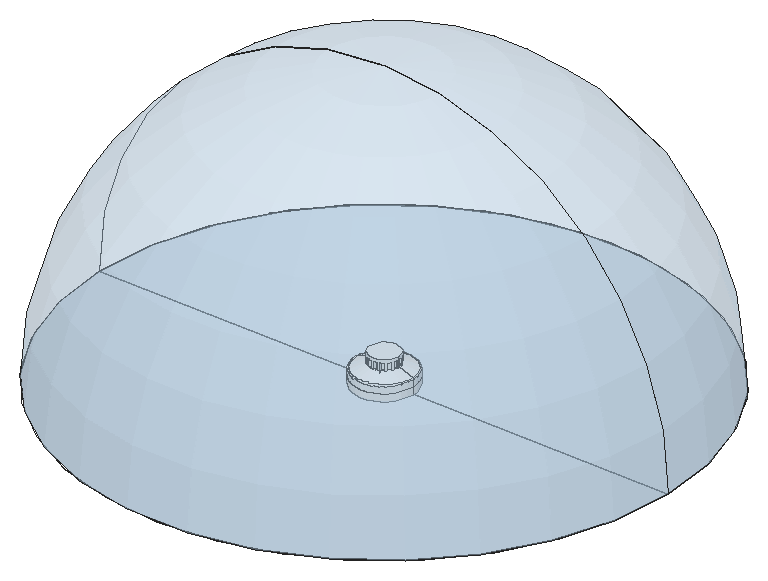
Revit family "4452_Conventional Smoke Detector", category Fire Alarm Devices, host Face, Revit 2020
Family settings
  Host = Face
  Maintain Annotation Orientation = No
  Round Connector Dimension = Use Diameter
  Part Type = Normal
  OmniClass Number = 23.85.30.21
  OmniClass Title = Environmental Detection/Registration
  Cut with Voids When Loaded = No
  Shared = No
  Room Calculation Point = No
Parameters (values of type "4452W_2423W")
  ø (mm) = 102 mm  # constant formula
  Weight = "85g"  # constant formula
  Voltage Normal = "24 VDC"  # constant formula
  Voltage Allowed = "12 – 30 VDC"  # constant formula
  Version = "RVT20"
  Vds Approval = "G213028"  # constant formula
  Uniformat 2010 Description = "Detection and Alarm"  # constant formula
  Uniformat 2010  Code = "D7050"  # constant formula
  Uniclass 2015 Description = "Fire and smoke detector bases"  # constant formula
  Uniclass 2015 Code = "Pr_75_80_30_27 "  # constant formula
  URL = "https://www.panasonic-fire-security.com"
  Type Comments = "The photoelectric smoke detector 4452 is a conventional detector. Artificial Intelligence uses smoke sensing for the fire judgement, as well as variable sensitivity and time  delay based on the smoke changes just before the alarm level is reached."
  Tested and Approved = "EN54-7"  # constant formula
  Product Material = Polycarbonate_Panasonic_White
  Omniclass Description = "Smoke Detectors"  # constant formula
  Omniclass Code = "23.85.30.21.11.11.11"  # constant formula
  Model = "4452W"
  Min_Wire Size = "Ø 0.6 mm (0.3 mm²)"  # constant formula
  Max_Wire Size = "Ø 1.6 mm (2 mm²)"  # constant formula
  Manufacturer = "Panasonic"  # constant formula
  Ingress Protection Rating = "IP41"  # constant formula
  H_Total (mm) = 50.5 mm  # constant formula
  H_Detector (mm) = 38 mm  # constant formula
  H_Base (mm) = 12.5 mm  # constant formula
  Description = "Conventional photoelectric smoke detector 4452W with 2423W conventional base"
  Default Elevation = 0 mm
  Current Quiescent = "0.04 mA"  # constant formula
  Current (Active) = "Min 3 mA"  # constant formula
  Contact = ""
  Clearance Area (0,5m according EN54-14) [instance] = yes
  Clearance Area = Clearance Area
  CPR = "0786-CPR-21252"  # constant formula
  Bases = Base_2324 : 2423W
  Ambient Temperature Storage = "-25 to +70 °C"  # constant formula
  Ambient Temperature Operating = "-10 to +50 °C"  # constant formula
  Ambient Humidity = "Maximum 95 % RH "  # constant formula
Types (3, lengths in mm): name | Product Material | Model | Description | Bases
  (no name) | Polycarbonate_Panasonic_White | "4452W" | "Conventional photoelectric smoke detector 4452W with 2423W conventional base" | Base_2324 : 2423W
  4452_2423 | Polycarbonate_Panasonic_Grey | "4452" | "Conventional photoelectric smoke detector 4452 with 2423 conventional base" | Base_2324 : 2423
  4452W_2423W | Polycarbonate_Panasonic_White | "4452W" | "Conventional photoelectric smoke detector 4452W with 2423W conventional base" | Base_2324 : 2423W
Reference planes
  plane 1 "Center (Front/Back)": y = 0
  plane 2: z = 0
  plane 3 "Center (Left/Right)": x = 0
  plane 4: z = 12.5
  plane 5: z = 50.5
  plane 6: z = 46.125
  plane 7: z = 34.125
  plane 8: z = 25.2
  plane 9: z = 23.5
Forms (mm)
  Extrusion 1, solid, material "Polycarbonate_Panasonic_White" <- "Product Material"
    sketch origin (0, 0, 0) x (1, 0, 0) y (0, 1, 0)
      loop
        circle (0, 0) r 51
      loop
        circle (0, 0) r 25
    from 12.5 to 23.5
  Revolve 2, solid, material "Polycarbonate_Panasonic_White" <- "Product Material"
    sketch origin (0, 0, 0) x (1, 0, 0) y (0, 0, 1)
      loop
        line (-51, 23.5) -> (-25, 23.5) -> (-25, 25.2) -> (-49.402, 25.2)
        arc (-49.402, 25.2) -> (-50.525, 24.655) -> (-51, 23.5) r 1.752
      axis (0, 25.2) -> (0, 23.5)
    angle from 0 to 360
  Extrusion 3, solid, material "Polycarbonate_Panasonic_White" <- "Product Material"
    sketch origin (0, 0, 0) x (1, 0, 0) y (0, 1, 0)
      loop
        circle (0, 0) r 25
    from 27.625 to 50.5
  Revolve 4, solid, material "Polycarbonate_Panasonic_White" <- "Product Material"
    sketch origin (0, 0, 0) x (1, 0, 0) y (0, 0, 1)
      loop
        line (-49.402, 25.2) -> (0, 25.2) -> (0, 34.125) -> (-25, 34.125) -> (-49.402, 25.2)
      axis (0, 34.125) -> (0, 25.2)
    angle from 0 to 360
  Extrusion 5, void
    sketch origin (0, 0, 0) x (1, 0, 0) y (0, 1, 0)
      loop
        line (-18.878, 22.014) -> (-13.671, 15.941)
        arc (-13.671, 15.941) -> (-11.296, 17.703) -> (-8.698, 19.114) r 21
        line (-8.698, 19.114) -> (-11.774, 26.502)
        arc (-11.774, 26.502) -> (-15.49, 24.517) -> (-18.878, 22.014) r 29
      loop
        line (-9.068, 27.546) -> (-6.566, 19.947)
        arc (-6.566, 19.947) -> (-3.7, 20.671) -> (-0.76, 20.986) r 21
        line (-0.76, 20.986) -> (-0.79, 28.989)
        arc (-0.79, 28.989) -> (-4.981, 28.569) -> (-9.068, 27.546) r 29
      loop
        line (2.111, 28.923) -> (1.528, 20.944)
        arc (1.528, 20.944) -> (4.455, 20.522) -> (7.293, 19.693) r 21
        line (7.293, 19.693) -> (10.314, 27.104)
        arc (10.314, 27.104) -> (6.279, 28.312) -> (2.111, 28.923) r 29
      loop
        line (12.971, 25.938) -> (9.393, 18.782)
        arc (9.393, 18.782) -> (11.937, 17.277) -> (14.245, 15.429) r 21
        line (14.245, 15.429) -> (19.863, 21.13)
        arc (19.863, 21.13) -> (16.592, 23.785) -> (12.971, 25.938) r 29
      loop
        line (21.874, 19.04) -> (15.84, 13.787)
        arc (15.84, 13.787) -> (17.619, 11.426) -> (19.049, 8.839) r 21
        line (19.049, 8.839) -> (26.415, 11.969)
        arc (26.415, 11.969) -> (24.402, 15.67) -> (21.874, 19.04) r 29
      loop
        line (27.478, 9.27) -> (19.898, 6.713)
        arc (19.898, 6.713) -> (20.644, 3.852) -> (20.98, 0.914) r 21
        line (20.98, 0.914) -> (28.983, 1.003)
        arc (28.983, 1.003) -> (28.532, 5.191) -> (27.478, 9.27) r 29
      loop
        arc (20.955, -1.374) -> (20.554, -4.304) -> (19.746, -7.148) r 21
        line (19.746, -7.148) -> (27.179, -10.115)
        arc (27.179, -10.115) -> (28.358, -6.07) -> (28.938, -1.898) r 29
        line (28.938, -1.898) -> (20.955, -1.374)
      loop
        arc (18.851, -9.254) -> (17.365, -11.81) -> (15.534, -14.132) r 21
        line (15.534, -14.132) -> (21.275, -19.707)
        arc (21.275, -19.707) -> (23.906, -16.416) -> (26.032, -12.78) r 29
        line (26.032, -12.78) -> (18.851, -9.254)
      loop
        arc (13.904, -15.738) -> (11.556, -17.535) -> (8.978, -18.984) r 21
        line (8.978, -18.984) -> (12.163, -26.326)
        arc (12.163, -26.326) -> (15.849, -24.286) -> (19.2, -21.734) r 29
        line (19.2, -21.734) -> (13.904, -15.738)
      loop
        arc (1.216, -28.975) -> (5.401, -28.493) -> (9.472, -27.41) r 29
        line (9.472, -27.41) -> (6.859, -19.848)
        arc (6.859, -19.848) -> (4.004, -20.615) -> (1.069, -20.973) r 21
        line (1.069, -20.973) -> (1.216, -28.975)
      loop
        arc (-1.22, -20.965) -> (-4.152, -20.585) -> (-7.002, -19.798) r 21
        line (-7.002, -19.798) -> (-9.915, -27.253)
        arc (-9.915, -27.253) -> (-5.862, -28.401) -> (-1.685, -28.951) r 29
        line (-1.685, -28.951) -> (-1.22, -20.965)
      loop
        arc (-9.115, -18.919) -> (-11.682, -17.451) -> (-14.017, -15.637) r 21
        line (-14.017, -15.637) -> (-19.55, -21.42)
        arc (-19.55, -21.42) -> (-16.24, -24.026) -> (-12.588, -26.126) r 29
        line (-12.588, -26.126) -> (-9.115, -18.919)
      loop
        line (-18.917, -9.118) -> (-26.236, -12.356)
        arc (-26.236, -12.356) -> (-24.169, -16.027) -> (-21.592, -19.36) r 29
        line (-21.592, -19.36) -> (-15.635, -14.019)
        arc (-15.635, -14.019) -> (-17.449, -11.684) -> (-18.917, -9.118) r 21
      loop
        arc (-28.965, -1.429) -> (-28.452, -5.61) -> (-27.339, -9.673) r 29
        line (-27.339, -9.673) -> (-19.797, -7.005)
        arc (-19.797, -7.005) -> (-20.585, -4.155) -> (-20.964, -1.223) r 21
        line (-20.964, -1.223) -> (-28.965, -1.429)
      loop
        line (-28.963, 1.472) -> (-20.973, 1.066)
        arc (-20.973, 1.066) -> (-20.615, 4.001) -> (-19.849, 6.856) r 21
        line (-19.849, 6.856) -> (-27.325, 9.714)
        arc (-27.325, 9.714) -> (-28.444, 5.653) -> (-28.963, 1.472) r 29
      loop
        line (-25.842, 13.161) -> (-18.713, 9.53)
        arc (-18.713, 9.53) -> (-17.189, 12.064) -> (-15.324, 14.358) r 21
        line (-15.324, 14.358) -> (-20.983, 20.017)
        arc (-20.983, 20.017) -> (-23.662, 16.766) -> (-25.842, 13.161) r 29
    from 27.625 to 46.125
  Extrusion 6, solid, material "Clearance Area" <- "Clearance Area", visible <- "Clearance Area (0,5m according EN54-14)", detail levels medium+fine
    sketch origin (0, 0, 0) x (1, 0, 0) y (0, 1, 0)
      loop
        circle (0, 0) r 500
    from 0 to 1
  Revolve 7, solid, material "Clearance Area" <- "Clearance Area", visible <- "Clearance Area (0,5m according EN54-14)"
    sketch origin (0, 0, 0) x (1, 0, 0) y (0, 0, 1)
      loop
        line (-500, 0) -> (0, 0) -> (0, 500)
        arc (0, 500) -> (-353.553, 353.553) -> (-500, 0) r 500
      axis (0, 500) -> (0, 0)
    angle from 0 to 360
Cuts and joins
  Extrusion 5 cuts Extrusion 3
Lines and regions (mm)
  symbolic lines, style "Dash Fire", visible <- "Clearance Area (0,5m according EN54-14)", detail levels medium+fine
    curve 1: circle (0, 0, 0) r 500 normal (0, 0, 1)
Dimensions and locks
  "H_Base (mm)": plane 4 to host face
  "H_Detector (mm)": plane 5 to plane 4
  plane 6 to plane 7 to plane 8 to plane 9 = 12 mm locked, 8.925 mm locked, 1.7 mm locked
  aligned and locked: plane 2 to host face
  aligned and locked: level to host face
  aligned and locked: Revolve 2 sketch curve to plane 3 "Center (Left/Right)"
  aligned and locked: Extrusion 1 to plane 4
  aligned and locked: plane 6 to Extrusion 5
  aligned and locked: plane 5 to Extrusion 3
  aligned and locked: Revolve 4 sketch curve to plane 7
  aligned and locked: Revolve 4 sketch curve to Revolve 4 sketch curve
  aligned and locked: Revolve 4 sketch curve to plane 8
  aligned and locked: plane 9 to Extrusion 1
Automatic sketch dimensions
  plane 1 "Center (Front/Back)" to curve 1 = 0 mm
  curve 1 to plane 3 "Center (Left/Right)" = 0 mm
  host sketch curve to host sketch curve = 2438.4 mm  (x2)
  Extrusion 1 sketch curve to Extrusion 1 sketch curve = 0 mm  (x2)
  plane 1 "Center (Front/Back)" to Extrusion 1 sketch curve = 0 mm
  Extrusion 1 sketch curve to plane 3 "Center (Left/Right)" = 0 mm
  Revolve 2 sketch curve to plane 8 = 0 mm
  Revolve 2 sketch curve to plane 8 = 1.7 mm
  Revolve 2 sketch curve to plane 3 "Center (Left/Right)" = 25 mm
  Revolve 2 sketch curve to plane 8 = 1.746 mm
  Revolve 2 sketch curve to Revolve 2 sketch curve = 24.248 mm
  Revolve 2 sketch curve to Revolve 2 sketch curve = 0.154 mm
  Revolve 2 sketch curve to level = 609.6 mm
  plane 5 to Revolve 2 sketch curve = 2565.058 mm
  plane 1 "Center (Front/Back)" to Extrusion 3 sketch curve = 0 mm
  Extrusion 3 sketch curve to plane 3 "Center (Left/Right)" = 0 mm
  Revolve 4 sketch curve to plane 3 "Center (Left/Right)" = 0 mm
  Revolve 4 sketch curve to Revolve 4 sketch curve = 25 mm
  Revolve 4 sketch curve to Revolve 4 sketch curve = 24.402 mm
  Revolve 4 sketch curve to level = 609.6 mm
  plane 5 to Revolve 4 sketch curve = 2565.058 mm
  Extrusion 5 sketch curve to Extrusion 5 sketch curve = 0 mm  (x992)
  plane 1 "Center (Front/Back)" to Extrusion 5 sketch curve = 0 mm
  Extrusion 5 sketch curve to plane 3 "Center (Left/Right)" = 0 mm
  Extrusion 5 sketch curve to plane 3 "Center (Left/Right)" = 0.76 mm
  Extrusion 5 sketch curve to plane 3 "Center (Left/Right)" = 0.79 mm
  Extrusion 5 sketch curve to plane 3 "Center (Left/Right)" = 1.22 mm
  Extrusion 5 sketch curve to plane 3 "Center (Left/Right)" = 1.685 mm
  Extrusion 5 sketch curve to Extrusion 5 sketch curve = 5.806 mm
  Extrusion 5 sketch curve to Extrusion 5 sketch curve = 5.782 mm
  Extrusion 5 sketch curve to Extrusion 5 sketch curve = 2.132 mm
  Extrusion 5 sketch curve to Extrusion 5 sketch curve = 2.501 mm
  Extrusion 5 sketch curve to Extrusion 5 sketch curve = 2.113 mm
  Extrusion 5 sketch curve to Extrusion 5 sketch curve = 2.912 mm
  Extrusion 5 sketch curve to Extrusion 5 sketch curve = 2.707 mm
  Extrusion 5 sketch curve to Extrusion 5 sketch curve = 2.673 mm
  Extrusion 5 sketch curve to Extrusion 5 sketch curve = 4.972 mm
  Extrusion 5 sketch curve to Extrusion 5 sketch curve = 4.902 mm
  Extrusion 5 sketch curve to Extrusion 5 sketch curve = 1.654 mm
  Extrusion 5 sketch curve to Extrusion 5 sketch curve = 1.619 mm
  Extrusion 5 sketch curve to plane 1 "Center (Front/Back)" = 9.53 mm
  Extrusion 5 sketch curve to Extrusion 5 sketch curve = 3.389 mm
  Extrusion 5 sketch curve to Extrusion 5 sketch curve = 5.208 mm
  plane 1 "Center (Front/Back)" to Extrusion 5 sketch curve = 9.118 mm
  Extrusion 5 sketch curve to Extrusion 5 sketch curve = 3.282 mm
  Extrusion 5 sketch curve to Extrusion 5 sketch curve = 5.533 mm
  plane 1 "Center (Front/Back)" to Extrusion 5 sketch curve = 7.005 mm
  Extrusion 5 sketch curve to Extrusion 5 sketch curve = 0.88 mm  (x2)
  Extrusion 5 sketch curve to plane 1 "Center (Front/Back)" = 6.856 mm
  Extrusion 5 sketch curve to Extrusion 5 sketch curve = 1.136 mm
  plane 1 "Center (Front/Back)" to Extrusion 5 sketch curve = 1.223 mm
  Extrusion 5 sketch curve to plane 1 "Center (Front/Back)" = 1.066 mm
  Extrusion 5 sketch curve to Extrusion 5 sketch curve = 2.105 mm
  Extrusion 5 sketch curve to Extrusion 5 sketch curve = 2.042 mm
  Extrusion 5 sketch curve to plane 1 "Center (Front/Back)" = 13.161 mm
  Extrusion 5 sketch curve to Extrusion 5 sketch curve = 7.129 mm
  plane 1 "Center (Front/Back)" to Extrusion 5 sketch curve = 12.356 mm
  Extrusion 5 sketch curve to Extrusion 5 sketch curve = 7.319 mm
  Extrusion 5 sketch curve to plane 1 "Center (Front/Back)" = 9.714 mm
  Extrusion 5 sketch curve to Extrusion 5 sketch curve = 1.483 mm
  plane 1 "Center (Front/Back)" to Extrusion 5 sketch curve = 9.673 mm
  Extrusion 5 sketch curve to Extrusion 5 sketch curve = 1.103 mm
  Extrusion 5 sketch curve to plane 1 "Center (Front/Back)" = 1.472 mm
  plane 1 "Center (Front/Back)" to Extrusion 5 sketch curve = 1.429 mm
  plane 3 "Center (Left/Right)" to Extrusion 5 sketch curve = 1.069 mm
  plane 3 "Center (Left/Right)" to Extrusion 5 sketch curve = 1.216 mm
  plane 3 "Center (Left/Right)" to Extrusion 5 sketch curve = 1.528 mm
  plane 3 "Center (Left/Right)" to Extrusion 5 sketch curve = 2.111 mm
  Extrusion 5 sketch curve to Extrusion 5 sketch curve = 5.79 mm
  Extrusion 5 sketch curve to Extrusion 5 sketch curve = 5.764 mm
  Extrusion 5 sketch curve to Extrusion 5 sketch curve = 2.119 mm
  Extrusion 5 sketch curve to Extrusion 5 sketch curve = 2.1 mm
  Extrusion 5 sketch curve to Extrusion 5 sketch curve = 2.613 mm
  Extrusion 5 sketch curve to Extrusion 5 sketch curve = 3.022 mm
  Extrusion 5 sketch curve to Extrusion 5 sketch curve = 2.691 mm
  Extrusion 5 sketch curve to Extrusion 5 sketch curve = 2.656 mm
  Extrusion 5 sketch curve to Extrusion 5 sketch curve = 4.925 mm
  Extrusion 5 sketch curve to Extrusion 5 sketch curve = 4.853 mm
  Extrusion 5 sketch curve to Extrusion 5 sketch curve = 1.63 mm
  Extrusion 5 sketch curve to Extrusion 5 sketch curve = 1.595 mm
  plane 1 "Center (Front/Back)" to Extrusion 5 sketch curve = 9.254 mm
  Extrusion 5 sketch curve to Extrusion 5 sketch curve = 3.317 mm
  Extrusion 5 sketch curve to plane 1 "Center (Front/Back)" = 8.839 mm
  Extrusion 5 sketch curve to Extrusion 5 sketch curve = 3.209 mm
  Extrusion 5 sketch curve to Extrusion 5 sketch curve = 5.297 mm
  plane 1 "Center (Front/Back)" to Extrusion 5 sketch curve = 7.148 mm
  Extrusion 5 sketch curve to Extrusion 5 sketch curve = 0.895 mm
  Extrusion 5 sketch curve to Extrusion 5 sketch curve = 5.617 mm
  Extrusion 5 sketch curve to plane 1 "Center (Front/Back)" = 6.713 mm
  Extrusion 5 sketch curve to Extrusion 5 sketch curve = 0.849 mm
  plane 1 "Center (Front/Back)" to Extrusion 5 sketch curve = 1.374 mm
  Extrusion 5 sketch curve to plane 1 "Center (Front/Back)" = 0.914 mm
  Extrusion 5 sketch curve to Extrusion 5 sketch curve = 2.075 mm
  Extrusion 5 sketch curve to Extrusion 5 sketch curve = 2.012 mm
  plane 1 "Center (Front/Back)" to Extrusion 5 sketch curve = 12.78 mm
  Extrusion 5 sketch curve to Extrusion 5 sketch curve = 7.181 mm
  Extrusion 5 sketch curve to plane 1 "Center (Front/Back)" = 11.969 mm
  Extrusion 5 sketch curve to Extrusion 5 sketch curve = 7.365 mm
  plane 1 "Center (Front/Back)" to Extrusion 5 sketch curve = 10.115 mm
  Extrusion 5 sketch curve to Extrusion 5 sketch curve = 1.147 mm
  Extrusion 5 sketch curve to plane 1 "Center (Front/Back)" = 9.27 mm
  Extrusion 5 sketch curve to Extrusion 5 sketch curve = 1.064 mm
  plane 1 "Center (Front/Back)" to Extrusion 5 sketch curve = 1.898 mm
  Extrusion 5 sketch curve to plane 1 "Center (Front/Back)" = 1.003 mm
  Extrusion 5 sketch curve to Extrusion 5 sketch curve = 5.779 mm
  Extrusion 5 sketch curve to Extrusion 5 sketch curve = 1.116 mm
  Extrusion 5 sketch curve to Extrusion 5 sketch curve = 2.06 mm
  Extrusion 5 sketch curve to Extrusion 5 sketch curve = 2.027 mm
  Extrusion 5 sketch curve to Extrusion 5 sketch curve = 1.127 mm
  Extrusion 5 sketch curve to Extrusion 5 sketch curve = 1.083 mm
  Extrusion 5 sketch curve to Extrusion 5 sketch curve = 0.864 mm
  Extrusion 5 sketch curve to Extrusion 5 sketch curve = 1.642 mm
  Extrusion 5 sketch curve to Extrusion 5 sketch curve = 1.582 mm
  Extrusion 5 sketch curve to Extrusion 5 sketch curve = 0.911 mm
  Extrusion 5 sketch curve to Extrusion 5 sketch curve = 0.833 mm
  Extrusion 5 sketch curve to Extrusion 5 sketch curve = 2.09 mm
  Extrusion 5 sketch curve to Extrusion 5 sketch curve = 1.996 mm
  Extrusion 5 sketch curve to Extrusion 5 sketch curve = 1.166 mm
  Extrusion 5 sketch curve to Extrusion 5 sketch curve = 1.044 mm
  plane 1 "Center (Front/Back)" to Extrusion 6 sketch curve = 0 mm
  Extrusion 6 sketch curve to plane 3 "Center (Left/Right)" = 0 mm
  Revolve 7 sketch curve to level = 0 mm
  Revolve 7 sketch curve to plane 3 "Center (Left/Right)" = 0 mm  (x2)
  Revolve 7 sketch curve to Revolve 7 sketch curve = 609.6 mm
  plane 5 to Revolve 7 sketch curve = 449.5 mm
  Revolve 7 sketch curve to Revolve 7 sketch curve = 350.5 mm
  radius of curve 1 = 500 mm
  radius of Extrusion 1 sketch curve = 51 mm
  radius of Extrusion 1 sketch curve = 25 mm
  radius of Extrusion 3 sketch curve = 25 mm
  radius of Extrusion 6 sketch curve = 500 mm
Nested families
  nested 1: "Base_2324" at (0, 0, 0), type <- "Bases", type "2423W"
Connectors
  electrical at (0, 0, 0)
    settings: index 1, voltage 0 V, apparent load 0 VA, apparent load phase1 0 VA, apparent load phase2 0 VA, apparent load phase3 0 VA, power factor 1, load classification "Other", number of poles 1, system type 11, power factor state 1, is connector primary yes, connector utility no, sub classification motor no, connector description ""
Definition of nested family "Base_2324"
  Parameters (values of type "2423W")
    ø (mm) = 102 mm  # constant formula
    Weight = "59g"  # constant formula
    Voltage Normal = "24 V DC"  # constant formula
    Voltage Allowed = "12 – 30 V DC"  # constant formula
    Version = "RVT20"  # constant formula
    Uniformat 2010 Description = "Detection and Alarm"  # constant formula
    Uniformat 2010  Code = "D7050"  # constant formula
    Uniclass 2015 Description = "Fire and smoke detector bases"  # constant formula
    Uniclass 2015 Code = "Pr_75_80_30_27 "  # constant formula
    URL = "https://www.panasonic-fire-security.com"
    Type Comments = "2423 is a common base for conventional detectors. Built-in LED that is activated when the detector goes into alarm stage."
    Tested and Approved = "Compliant with EN54-5 and EN54-7"  # constant formula
    Product Material = none
    Omniclass Description = "Smoke Detectors"  # constant formula
    Omniclass Code = "23.85.30.21.11.11.11"  # constant formula
    Model = "2423W"
    Min_Wire Size = "Ø 0.6 mm (0.3 mm²)"  # constant formula
    Max_Wire Size = "Ø 1.6 mm (2 mm²)"  # constant formula
    Manufacturer = "Panasonic"  # constant formula
    Ingress Protection Rating = "IP51"  # constant formula
    H_Total (mm) = 15 mm  # constant formula
    H_Base (mm) = 12.5 mm  # constant formula
    Description = "Conventional  Base_Screw connectors for zone line and external LED_White"
    Default Elevation = 0 mm
    Contact = ""
    Ambient Temperature Storage = "-20 to +70 °C"  # constant formula
    Ambient Temperature Operating = "-10 to +50 °C"  # constant formula
    Ambient Humidity = "Maximum 95 % RH"  # constant formula
  Types (3, lengths in mm): name | Model | Description
    (no name) | "2423W" | "Conventional  Base_Screw connectors for zone line and external LED_White"
    2423 | "2423" | "Conventional  Base_Screw connectors for zone line and external LED_Grey"
    2423W | "2423W" | "Conventional  Base_Screw connectors for zone line and external LED_White"
  Reference planes
    plane 1 "Center (Front/Back)": y = 0
    plane 2: z = 0
    plane 3 "Center (Left/Right)": x = 0
    plane 4: x = -51
    plane 5: x = 51
    plane 6: y = 51
    plane 7: y = -51
    plane 8: z = 15
    plane 9: z = 12.5
    plane 10: x = -48.1
    plane 11: x = -44.1
    plane 12: x = 44.1
    plane 13: x = 48.1
  Forms (mm)
    Extrusion 1, solid
      sketch origin (0, 0, 0) x (1, 0, 0) y (0, 1, 0)
        loop
          line (-1219.2, 1219.2) -> (-1219.2, -1219.2) -> (1219.2, -1219.2) -> (1219.2, 1219.2) -> (-1219.2, 1219.2)
      from 0 to -304.8
    Revolve 2, solid, material <- "Product Material"
      sketch origin (0, 0, 0) x (1, 0, 0) y (0, 0, 1)
        loop
          line (-48.1, 15) -> (-48.1, 12.5) -> (-51, 12.5) -> (-51, 0) -> (0, 0) -> (0, 12.5) -> (-44.1, 12.5) -> (-44.1, 15) -> (-48.1, 15)
        axis (0, 0) -> (0, 15)
      angle from 0 to 360
    Extrusion 3, solid, material <- "Product Material"
      sketch origin (0, 0, 0) x (1, 0, 0) y (0, 1, 0)
        loop
          arc (-44.5, 24.915) -> (-35.861, 36.263) -> (-24.418, 44.775) r 51
          arc (-24.418, 44.775) -> (-30.306, 44.059) -> (-36.194, 44.775) r 24.569
          line (-36.194, 44.775) -> (-44.5, 36.468)
          arc (-44.5, 36.468) -> (-43.692, 30.692) -> (-44.5, 24.915) r 21.059
        loop
          circle (-37.975, 38.033) r 2.14
      from 0 to 12.5
    Extrusion 4, void
      sketch origin (0, 0, 0) x (1, 0, 0) y (0, 1, 0)
        loop
          line (-11.575, 6.743) -> (-11.575, -10.154) -> (-9.534, -12.195) -> (10.466, -12.195) -> (12.214, -9.167) -> (12.214, 5.833) -> (6.731, 8.998) -> (-9.32, 8.998) -> (-11.575, 6.743)
        loop
          arc (-27.4, -24.218) -> (-27.4, -27.4) -> (-24.218, -27.4) r 2.25
          line (-24.218, -27.4) -> (-16.087, -19.269)
          arc (-16.087, -19.269) -> (-16.087, -16.087) -> (-19.269, -16.087) r 2.25
          line (-19.269, -16.087) -> (-27.4, -24.218)
        loop
          arc (16.087, 19.269) -> (16.087, 16.087) -> (19.269, 16.087) r 2.25
          line (19.269, 16.087) -> (27.4, 24.218)
          arc (27.4, 24.218) -> (27.4, 27.4) -> (24.218, 27.4) r 2.25
          line (24.218, 27.4) -> (16.087, 19.269)
      from 0 to 15
  Cuts and joins
    Extrusion 4 cuts Revolve 2
  Dimensions and locks
    "ø (mm)": plane 4 to plane 5
    equal spacing: plane 4, plane 3 "Center (Left/Right)", plane 5
    "H_Base (mm)": plane 9 to Extrusion 1
    "H_Total (mm)": plane 8 to Extrusion 1
    equal spacing: plane 11, plane 3 "Center (Left/Right)", plane 12
    equal spacing: plane 10, plane 3 "Center (Left/Right)", plane 13
    plane 4 to plane 10 to plane 11 = 2.9 mm locked, 4 mm locked
    aligned and locked: plane 2 to Extrusion 1
    aligned and locked: level to Extrusion 1
    aligned and locked: plane 9 to Revolve 2 sketch curve
    aligned and locked: Revolve 2 sketch curve to plane 9
    aligned and locked: Revolve 2 sketch curve to plane 8
    aligned and locked: plane 8 to Extrusion 4
    aligned and locked: Extrusion 4 to level
    aligned and locked: plane 9 to Extrusion 3
    aligned and locked: Extrusion 3 to level
  Automatic sketch dimensions
    Extrusion 1 sketch curve to Extrusion 1 sketch curve = 2438.4 mm  (x2)
    Extrusion 3 sketch curve to plane 4 = 13.751 mm
    Extrusion 3 sketch curve to plane 6 = 14.532 mm
    Extrusion 3 sketch curve to Extrusion 3 sketch curve = 1.564 mm
    Extrusion 3 sketch curve to plane 6 = 6.225 mm
    plane 6 to Extrusion 3 sketch curve = 17.628 mm
    plane 1 "Center (Front/Back)" to Extrusion 3 sketch curve = 0 mm
    Extrusion 3 sketch curve to plane 6 = 20.308 mm
    Extrusion 4 sketch curve to plane 7 = 26.782 mm
    plane 5 to Extrusion 4 sketch curve = 78.4 mm
    Extrusion 4 sketch curve to Extrusion 4 sketch curve = 1.591 mm  (x8)
    Extrusion 4 sketch curve to plane 7 = 23.6 mm
    Extrusion 4 sketch curve to plane 7 = 34.913 mm
    Extrusion 4 sketch curve to Extrusion 4 sketch curve = 8.132 mm  (x2)
    Extrusion 4 sketch curve to plane 7 = 31.731 mm
    Extrusion 4 sketch curve to plane 1 "Center (Front/Back)" = 6.743 mm
    Extrusion 4 sketch curve to Extrusion 4 sketch curve = 7.693 mm
    Extrusion 4 sketch curve to Extrusion 4 sketch curve = 2.041 mm  (x2)
    Extrusion 4 sketch curve to plane 1 "Center (Front/Back)" = 8.998 mm
    Extrusion 4 sketch curve to Extrusion 4 sketch curve = 2.255 mm
    Extrusion 4 sketch curve to Extrusion 4 sketch curve = 16.052 mm
    Extrusion 4 sketch curve to plane 7 = 38.805 mm
    Extrusion 4 sketch curve to Extrusion 4 sketch curve = 20 mm
    Extrusion 4 sketch curve to plane 1 "Center (Front/Back)" = 5.833 mm
    Extrusion 4 sketch curve to Extrusion 4 sketch curve = 5.482 mm
    Extrusion 4 sketch curve to plane 1 "Center (Front/Back)" = 19.269 mm
    Extrusion 4 sketch curve to Extrusion 4 sketch curve = 9.355 mm
    Extrusion 4 sketch curve to plane 1 "Center (Front/Back)" = 16.087 mm
    Extrusion 4 sketch curve to plane 1 "Center (Front/Back)" = 27.4 mm
    Extrusion 4 sketch curve to plane 1 "Center (Front/Back)" = 24.218 mm
    Extrusion 4 sketch curve to Extrusion 4 sketch curve = 3.028 mm
    Revolve 2 sketch curve to level = 0 mm
    Revolve 2 sketch curve to plane 4 = 0 mm
    Revolve 2 sketch curve to plane 3 "Center (Left/Right)" = 0 mm  (x2)
    Revolve 2 sketch curve to Revolve 2 sketch curve = 11.897 mm
    plane 8 to Revolve 2 sketch curve = 13.103 mm
    Revolve 2 sketch curve to Revolve 2 sketch curve = 2.9 mm
    Revolve 2 sketch curve to Revolve 2 sketch curve = 4 mm
    Extrusion 3 sketch curve to plane 3 "Center (Left/Right)" = 0 mm
    plane 4 to Extrusion 3 sketch curve = 6.5 mm  (x2)
    Extrusion 3 sketch curve to Extrusion 3 sketch curve = 6.525 mm
    Extrusion 3 sketch curve to Extrusion 3 sketch curve = 1.781 mm
    Extrusion 3 sketch curve to Extrusion 3 sketch curve = 5.888 mm
    radius of Extrusion 3 sketch curve = 2.14 mm
  Connectors
    electrical at (0, 0, 0)
      settings: index 1, voltage 0 V, apparent load 0 VA, apparent load phase1 0 VA, apparent load phase2 0 VA, apparent load phase3 0 VA, power factor 1, load classification none, number of poles 1, system type 11, power factor state 1, is connector primary yes, connector utility no, sub classification motor no, connector description ""
